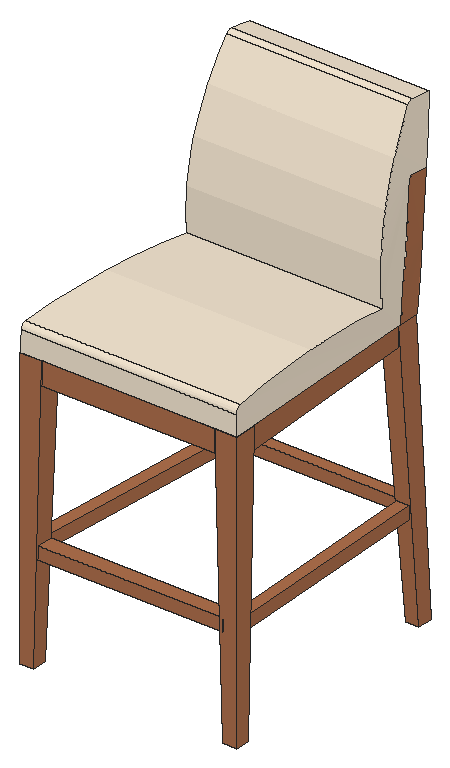
Revit family "Cumberland-Alia_Stools-", category Furniture, Revit 2014
Parameters (values of type "1017 - Counter H")
  Width = 17 7/8"
  URL = "www.cumberlandfurniture.com"
  Type Comments = "Alia Wood"  # constant formula
  Seat = CUM - Linen - Beige
  Salvage or Reuse = yes
  Percentage of Recycled Content = 0
  Model = "1017"
  Manufacturer = "Cumberland"  # constant formula
  Low Emitting Material = yes
  Low Emitting Finish = yes
  Leg = CUM - Wood
  Keynote = "12500"
  Height = 37 7/8"
  Description = "Alia Wood Counter Height"
  Depth = 21"
  Base = CUM - Wood
  Assembly Code = "E2020200"
Types (3): name | Model | Height | Description
  (no name) | "1017" | 37 7/8" | "Alia Wood Counter Height"
  1017 - Counter H | "1017" | 37 7/8" | "Alia Wood Counter Height"
  1018 - BAR H | "1018" | 42 5/16" | "Alia Wood Bar Height"
Reference planes (in)
  plane 1 "Center Front/Back": y = 0
  plane 2: z = 0
  plane 3: z = 37.875
  plane 4: x = 10.17188
  plane 5: x = 19.10938
  plane 6: y = -10.5
  plane 7: y = 10.5
  plane 8: x = 1.23438
  plane 9: z = 22.5
  plane 10: z = 20.75
  plane 11: z = 8.00034
Forms (in)
  Blend 1, solid, material "CUM - Wood" <- "Leg"
    base sketch origin (0, 0, 0) x (1, 0, 0) y (0, 1, 0)
      loop
        line (2.18174, 10.5) -> (2.18174, 9.37587) -> (3.30674, 9.37587) -> (3.30674, 10.5) -> (2.18174, 10.5)
    top sketch origin (0, 0, 0) x (1, 0, 0) y (0, 1, 0)
      loop
        line (2.57448, 9.55801) -> (2.57448, 7.80801) -> (4.14831, 7.80801) -> (4.14831, 9.55801) -> (2.57448, 9.55801)
    from 0 to 22.5
  Blend 2, solid, material "CUM - Wood" <- "Leg"
    base sketch origin (20.34375, 0, 0) x (-1, 0, 0) y (0, -1, 0)
      loop
        line (2.18174, -10.5) -> (3.30674, -10.5) -> (3.30674, -9.37587) -> (2.18174, -9.37587) -> (2.18174, -10.5)
    top sketch origin (20.34375, 0, 0) x (-1, 0, 0) y (0, -1, 0)
      loop
        line (2.57448, -9.55801) -> (4.14831, -9.55801) -> (4.14831, -7.80801) -> (2.57448, -7.80801) -> (2.57448, -9.55801)
    from 0 to 22.5
  Blend 3, solid, material "CUM - Wood" <- "Leg"
    base sketch origin (-0.12552, 0.90785, 0) x (1, 0, 0) y (0, 1, 0)
      loop
        line (1.56086, -10.92009) -> (2.68586, -10.92009) -> (2.68586, -9.79596) -> (1.56086, -9.79596) -> (1.56086, -10.92009)
    top sketch origin (-0.12552, 0.90785, 0) x (1, 0, 0) y (0, 1, 0)
      loop
        line (1.56086, -10.92009) -> (3.31086, -10.92009) -> (3.31086, -9.17009) -> (1.56086, -9.17009) -> (1.56086, -10.92009)
    from 0 to 22.5
  Blend 4, solid, material "CUM - Wood" <- "Leg"
    base sketch origin (20.46927, 0.90785, 0) x (-1, 0, 0) y (0, -1, 0)
      loop
        line (1.56086, 10.92009) -> (1.56086, 9.79596) -> (2.68586, 9.79596) -> (2.68586, 10.92009) -> (1.56086, 10.92009)
    top sketch origin (20.46927, 0.90785, 0) x (-1, 0, 0) y (0, -1, 0)
      loop
        line (1.56086, 10.92009) -> (1.56086, 9.17009) -> (3.31086, 9.17009) -> (3.31086, 10.92009) -> (1.56086, 10.92009)
    from 0 to 22.5
  Extrusion 5, solid, material "CUM - Wood" <- "Base"
    sketch origin (0, 7.76113, 20.75) x (0, 1, 0) y (-1, 0, 0)
      loop
        line (-16.02337, -1.49784) -> (-16.02337, -2.75089) -> (0.04688, -3.87463) -> (0.04688, -2.62158) -> (-16.02337, -1.49784)
      loop
        line (-16.02337, -18.84591) -> (0.04688, -17.72217) -> (0.04688, -16.46912) -> (-16.02337, -17.59286) -> (-16.02337, -18.84591)
      loop
        line (0, -4.14831) -> (0, -16.19544) -> (1.25245, -16.19544) -> (1.25245, -4.14831) -> (0, -4.14831)
      loop
        line (-16.41087, -3.18534) -> (-17.77337, -3.18534) -> (-17.77337, -17.15841) -> (-16.41087, -17.15841) -> (-16.41087, -3.18534)
    from 0 to 1.75
  Extrusion 6, solid, material "CUM - Wood" <- "Base"
    sketch origin (0, 8.91022, 8.00034) x (0, 1, 0) y (-1, 0, 0)
      loop
        line (-0.26541, -3.40945) -> (-0.26541, -2.40945) -> (-17.54858, -1.50368) -> (-17.54858, -2.50368) -> (-0.26541, -3.40945)
      loop
        line (1.11879, -3.72752) -> (0.16401, -3.72752) -> (0.16401, -16.70537) -> (1.11879, -16.70537) -> (1.11879, -3.72752)
      loop
        line (-17.60996, -2.83319) -> (-18.85996, -2.83319) -> (-18.85996, -17.78341) -> (-17.60996, -17.78341) -> (-17.60996, -2.83319)
      loop
        line (-0.26541, -16.9343) -> (-17.54858, -17.84007) -> (-17.54858, -18.84007) -> (-0.26541, -17.9343) -> (-0.26541, -16.9343)
    from 0 to 1.00381
Lines and regions (in)
  symbolic lines, style "FurnitureHiddenLines", detail levels medium+fine
    curve 1: line (2.75089, -8.26224, 8.00034) -> (3.87463, 7.80801, 8.00034)
    curve 2: line (4.14831, 7.76113, 8.00034) -> (16.19544, 7.76113, 8.00034)
    curve 3: line (16.46912, 7.80801, 8.00034) -> (17.59286, -8.26224, 8.00034)
    curve 4: line (17.15841, -8.64974, 8.00034) -> (3.18534, -8.64974, 8.00034)
    curve 5: line (1.43534, -8.88811, 8.00034) -> (2.56034, -8.88811, 8.00034)
    curve 6: line (2.56034, -8.88811, 8.00034) -> (2.56034, -10.01224, 8.00034)
    curve 7: line (3.18534, -8.26224, 8.00034) -> (2.56034, -8.88811, 8.00034)
    curve 8: line (1.43534, -8.26224, 8.00034) -> (3.18534, -8.26224, 8.00034)
    curve 9: line (3.18534, -8.26224, 8.00034) -> (3.18534, -10.01224, 8.00034)
    curve 10: line (1.43534, -8.26224, 8.00034) -> (1.43534, -10.01224, 8.00034)
    curve 11: line (1.43534, -10.01224, 8.00034) -> (3.18534, -10.01224, 8.00034)
    curve 12: line (17.15841, -10.01224, 8.00034) -> (17.15841, -8.26224, 8.00034)
    curve 13: line (17.15841, -8.26224, 8.00034) -> (18.90841, -8.26224, 8.00034)
    curve 14: line (17.78341, -9.94974, 8.00034) -> (17.78341, -8.63836, 8.00034)
    curve 15: line (17.78341, -8.63836, 8.00034) -> (18.90841, -8.63836, 8.00034)
    curve 16: line (18.90841, -10.01224, 8.00034) -> (18.90841, -8.26224, 8.00034)
    curve 17: line (17.15841, -10.01224, 8.00034) -> (18.90841, -10.01224, 8.00034)
    curve 18: line (4.14831, 9.55801, 8.00034) -> (3.30674, 10.5, 8.00034)
    curve 19: line (4.14831, 9.55801, 8.00034) -> (4.14831, 7.76113, 8.00034)
    curve 20: line (4.14831, 9.55801, 8.00034) -> (2.57448, 9.55801, 8.00034)
    curve 21: line (4.14831, 7.80801, 8.00034) -> (2.57448, 7.80801, 8.00034)
    curve 22: line (2.57448, 9.55801, 8.00034) -> (2.57448, 7.80801, 8.00034)
    curve 23: line (2.18174, 9.37587, 8.00034) -> (2.57448, 7.80801, 8.00034)
    curve 24: line (2.18174, 9.37587, 8.00034) -> (2.18174, 10.5, 8.00034)
    curve 25: line (2.18174, 10.5, 8.00034) -> (2.57448, 9.55801, 8.00034)
    curve 26: line (2.18174, 10.5, 8.00034) -> (3.30674, 10.5, 8.00034)
    curve 27: line (16.19544, 9.55801, 8.00034) -> (17.03701, 10.5, 8.00034)
    curve 28: line (16.19544, 9.55801, 8.00034) -> (16.19544, 7.76113, 8.00034)
    curve 29: line (16.19544, 9.55801, 8.00034) -> (17.76927, 9.55801, 8.00034)
    curve 30: line (16.19544, 7.80801, 8.00034) -> (17.76927, 7.80801, 8.00034)
    curve 31: line (17.76927, 9.55801, 8.00034) -> (17.76927, 7.80801, 8.00034)
    curve 32: line (18.16201, 9.37587, 8.00034) -> (17.76927, 7.80801, 8.00034)
    curve 33: line (18.16201, 9.37587, 8.00034) -> (18.16201, 10.5, 8.00034)
    curve 34: line (18.16201, 10.5, 8.00034) -> (17.76927, 9.55801, 8.00034)
    curve 35: line (18.16201, 10.5, 8.00034) -> (17.03701, 10.5, 8.00034)
Dimensions and locks (in)
  equal spacing: plane 7, plane 1 "Center Front/Back", plane 6
  "Depth": plane 7 to plane 6
  equal spacing: plane 8, plane 4, plane 5
  "Width": plane 8 to plane 5
  plane 8 to Blend 1 sketch curve to Blend 1 sketch curve = 0.94737" locked, 1 1/8" locked
  plane 7 to Blend 1 sketch curve to Blend 1 sketch curve = 0.94199" locked, 1 3/4" locked
  plane 8 to Blend 1 sketch curve to Blend 1 sketch curve = 1.3401" locked, 1.57383" locked
  plane 5 to Blend 2 sketch curve to Blend 2 sketch curve = 0.94737" locked, 1 1/8" locked
  plane 7 to Blend 2 sketch curve to Blend 2 sketch curve = 0.94199" locked, 1 3/4" locked
  plane 5 to Blend 2 sketch curve to Blend 2 sketch curve = 1.3401" locked, 1.57383" locked
  locked: plane 7 to Blend 2 sketch curve at 1.12413
  plane 8 to Blend 3 sketch curve to Blend 3 sketch curve = 0.20096" locked, 1 1/8" locked
  plane 6 to Blend 3 sketch curve to Blend 3 sketch curve = 0.48776" locked, 1 3/4" locked
  Blend 3 sketch curve to Blend 3 sketch curve to plane 6 = 1.12413" locked, 0.48776" locked
  plane 8 to Blend 3 sketch curve to Blend 3 sketch curve = 0.20096" locked, 1 3/4" locked
  plane 5 to Blend 4 sketch curve to Blend 4 sketch curve = 0.20096" locked, 1 1/8" locked
  plane 6 to Blend 4 sketch curve to Blend 4 sketch curve = 0.48776" locked, 1 3/4" locked
  Blend 4 sketch curve to Blend 4 sketch curve to plane 6 = 1.12413" locked, 0.48776" locked
  plane 5 to Blend 4 sketch curve to Blend 4 sketch curve = 0.20096" locked, 1 3/4" locked
  locked: plane 1 "Center Front/Back" to nested 1 at 0.25
  plane 3 to plane 9 to plane 10 = 15 3/8" locked, 1 3/4" locked
  "Height": plane 3 to level
  plane 8 to Extrusion 5 sketch curve to Extrusion 5 sketch curve = 0.26346" locked, 1.25305" locked
  Extrusion 5 sketch curve to Extrusion 5 sketch curve to plane 5 = 1.25305" locked, 0.26346" locked
  plane 8 to Extrusion 5 sketch curve to Extrusion 5 sketch curve = 1.38721" locked, 1.25305" locked
  Extrusion 5 sketch curve to Extrusion 5 sketch curve to plane 5 = 1.25305" locked, 1.38721" locked
  Extrusion 5 sketch curve to Extrusion 5 sketch curve to plane 6 = 1.3625" locked, 0.48776" locked
  plane 7 to Extrusion 5 sketch curve to Extrusion 5 sketch curve = 1.48642" locked, 1.25245" locked
  locked: plane 11 to level at 8.00034
  locked: Extrusion 6 to plane 11 at 1.00381
  plane 7 to Extrusion 6 sketch curve to Extrusion 6 sketch curve = 0.471" locked, 0.95477" locked
  Extrusion 6 sketch curve to Extrusion 6 sketch curve to plane 6 = 1 1/4" locked, 0.55026" locked
  locked: plane 8 to Extrusion 6 sketch curve at 1.59882
  locked: Extrusion 6 sketch curve to plane 5 at 1.32596
  locked: Extrusion 6 sketch curve to plane 6 at 1.86164  (x2)
  locked: plane 7 to Extrusion 6 sketch curve at 1.85519  (x2)
  locked: plane 8 to Extrusion 6 sketch curve at 2.49315
  locked: Extrusion 6 sketch curve to plane 5 at 2.404
  aligned and locked: level to plane 2
  aligned and locked: plane 9 to Blend 1
  aligned and locked: Blend 1 to level
  aligned and locked: Blend 1 sketch curve to plane 7
  aligned and locked: plane 7 to Blend 2 sketch curve
  aligned and locked: plane 4 to nested 1
  aligned and locked: plane 9 to nested 1
  aligned and locked: Extrusion 5 sketch curve to Blend 1
  aligned and locked: Blend 2 to Extrusion 5 sketch curve
  aligned and locked: Extrusion 5 sketch curve to Blend 3
  aligned and locked: Blend 4 to Extrusion 5 sketch curve
  aligned and locked: plane 9 to Extrusion 5
  aligned and locked: Extrusion 5 to plane 10
  aligned and locked: plane 9 to Blend 2
  aligned and locked: Blend 4 to Blend 3
  aligned and locked: plane 9 to Blend 3
  aligned and locked: Extrusion 5 to Blend 3
  aligned and locked: Blend 4 to Extrusion 5
  aligned and locked: Extrusion 5 to Blend 2
  aligned and locked: Extrusion 5 to Blend 1
Automatic sketch dimensions
  Blend 1 sketch curve to plane 7 = 1.12413"
  Extrusion 5 sketch curve to Extrusion 5 sketch curve = 0.43445"  (x2)
  Extrusion 5 sketch curve to Extrusion 5 sketch curve = 0.27368"  (x2)
  Extrusion 6 sketch curve to Extrusion 6 sketch curve = 0.05666"
  Extrusion 6 sketch curve to plane 5 = 1.17507"
  Extrusion 6 sketch curve to plane 5 = 0.2693"
  Extrusion 6 sketch curve to Extrusion 6 sketch curve = 0.22893"
  Extrusion 6 sketch curve to Extrusion 6 sketch curve = 0.31808"
  Extrusion 6 sketch curve to Extrusion 6 sketch curve = 0.32952"
  Extrusion 6 sketch curve to Extrusion 6 sketch curve = 1"
  plane 8 to Extrusion 6 sketch curve = 0.2693"
  curve 26 to plane 7 = 0"
  curve 33 to plane 7 = 0"
  curve 34 to plane 7 = 0.94199"
  curve 22 to plane 7 = 0.94199"
  curve 32 to curve 29 = 0.18214"
  curve 24 to curve 20 = 0.18214"
  curve 22 to curve 23 = 1.56786"
  curve 32 to plane 5 = 1.3401"
  curve 32 to curve 32 = 1.56786"
  curve 19 to curve 21 = 3/64"
  plane 8 to curve 8 = 0.20096"
  plane 6 to curve 8 = 2.23776"
  curve 16 to plane 5 = 0.20096"
  plane 6 to curve 16 = 2.23776"
  curve 15 to curve 3 = 0.37612"
  curve 7 to curve 1 = 0.62587"
  plane 6 to curve 12 = 0.48776"
  plane 6 to curve 11 = 0.48776"
  curve 32 to curve 29 = 0.39274"
  curve 15 to curve 14 = 1 1/8"
  curve 14 to curve 17 = 5/8"
  curve 33 to curve 27 = 1 1/8"
  curve 32 to curve 2 = 1.57383"
  plane 8 to curve 18 = 2.91393"
  curve 18 to curve 18 = 0.84157"
  curve 9 to curve 10 = 1 3/4"
  curve 18 to curve 22 = 0.73226"
  curve 4 to curve 5 = 5/8"
  plane 8 to curve 24 = 0.94737"
  curve 4 to curve 12 = 0.3875"
  plane 6 to curve 14 = 0.55026"
  curve 14 to curve 3 = 0.19055"
  curve 3 to curve 2 = 0.27368"
  curve 30 to curve 2 = 0"
  curve 21 to curve 1 = 0.27368"
  curve 7 to curve 1 = 0.43445"
Nested families (in)
  nested 1: "Alia_Stool-Shell" at (0, -0.25, 22.5), Seat <- "Seat", Back <- "Base", type "AL Stool ST"
    with Seat CUM - Linen - Beige, Back CUM - Wood
Definition of nested family "Alia_Stool-Shell"
  Parameters (values of type "AL Stool ST")
    URL = ""
    Type Comments = ""
    Seat [instance] = none
    Model = ""
    Manufacturer = ""
    Keynote = ""
    Description = ""
    Back [instance] = none
    Assembly Code = ""
  Reference planes (in)
    plane 1 "Center Front/Back": y = 0
    plane 2: z = 0
    plane 3: x = 10.17188
    plane 4: x = 20.34375
    plane 5: y = -11.95312
    plane 6: y = 11.95313
    plane 7: x = 0
  Forms (in)
    Extrusion 1, solid, material <- "Seat"
      sketch origin (0, 2.75, -22.26854) x (0, 1, 0) y (0, 0, 1)
        loop
          line (-12.45312, 22.26854) -> (5.20177, 22.26854) -> (6.49403, 32.39103) -> (8.23739, 32.20779) -> (8.79395, 37.50311) -> (7.0749, 37.68379)
          arc (7.0749, 37.68379) -> (6.81276, 37.64035) -> (6.60989, 37.46874) r 0.5
          arc (6.60989, 37.46874) -> (3.76831, 31.2058) -> (3.22987, 24.34948) r 19.88736
          arc (3.22987, 24.34948) -> (-4.39156, 24.86248) -> (-12.01583, 24.39358) r 59.4247
          arc (-12.01583, 24.39358) -> (-12.32819, 24.22817) -> (-12.45312, 23.89752) r 0.5
          line (-12.45312, 23.89752) -> (-12.45312, 22.26854)
      from 0 to 20.34375
    Blend 2, void
      base sketch origin (0, 0, 0) x (1, 0, 0) y (0, 0, 1)
        loop
          line (3.02516, 16.15376) -> (17.31859, 16.15376)
          arc (17.31859, 16.15376) -> (17.64246, 7.7751) -> (17.71441, -0.60951) r 279.01507
          line (17.71441, -0.60951) -> (20.34375, -0.60951) -> (20.34375, 17.40376) -> (0, 17.40376) -> (0, -0.60951) -> (2.62934, -0.60951)
          arc (2.62934, -0.60951) -> (2.70129, 7.7751) -> (3.02516, 16.15376) r 279.01507
      top sketch origin (0, 0, 0) x (1, 0, 0) y (0, 0, 1)
        loop
          line (1.90016, 16.15376) -> (18.44359, 16.15376)
          arc (18.44359, 16.15376) -> (18.81562, 7.77486) -> (19.03192, -0.60951) r 451.44089
          line (19.03192, -0.60951) -> (20.34375, -0.60951) -> (20.34375, 17.40376) -> (0, 17.40376) -> (0, -0.60951) -> (1.31183, -0.60951)
          arc (1.31183, -0.60951) -> (1.52813, 7.77486) -> (1.90016, 16.15376) r 451.44089
      from -11.95312 to 12
    Extrusion 3, solid, material <- "Back"
      sketch origin (0, 0, 0) x (0, 1, 0) y (0, 0, 1)
        loop
          line (8.00115, 0) -> (9.76433, 0) -> (10.98739, 9.93926) -> (9.25148, 10.16087) -> (8.00115, 0)
      from 0 to 20.34375
  Cuts and joins
    Blend 2 cuts Extrusion 1
    Blend 2 cuts Extrusion 3
  Lines and regions (in)
    symbolic lines, style "Chair"
      curve 1: line (2.96021, 11.54395, 0) -> (17.38354, 11.54395, 0)
      curve 2: line (1.56033, -9.70312, 0) -> (2.51853, 9.76767, 0)
      curve 3: line (17.82522, 9.76773, 0) -> (18.78342, -9.70312, 0)
      curve 4: spline (2.71892, 10.98598, 0) -> (2.68973, 10.88449, 0) -> (2.66281, 10.783, 0) -> (2.63816, 10.68149, 0) -> (2.61578, 10.57998, 0) -> (2.59568, 10.47845, 0) -> (2.57784, 10.37693, 0) -> (2.56228, 10.27539, 0) -> (2.54898, 10.17386, 0) -> (2.53796, 10.07231, 0) -> (2.52921, 9.97077, 0) -> (2.52273, 9.86922, 0) -> (2.51853, 9.76767, 0)
      curve 5: spline (2.71892, 10.98598, 0) -> (2.73526, 11.0325, 0) -> (2.75228, 11.07901, 0) -> (2.76999, 11.12552, 0) -> (2.78838, 11.17202, 0) -> (2.80746, 11.21853, 0) -> (2.82722, 11.26503, 0) -> (2.84768, 11.31152, 0) -> (2.86881, 11.35802, 0) -> (2.89063, 11.40451, 0) -> (2.91314, 11.45099, 0) -> (2.93633, 11.49748, 0) -> (2.96021, 11.54395, 0)
      curve 6: spline (17.62483, 10.98598, 0) -> (17.65402, 10.8845, 0) -> (17.68094, 10.783, 0) -> (17.70558, 10.6815, 0) -> (17.72796, 10.57999, 0) -> (17.74807, 10.47848, 0) -> (17.7659, 10.37695, 0) -> (17.78147, 10.27542, 0) -> (17.79476, 10.17389, 0) -> (17.80578, 10.07235, 0) -> (17.81454, 9.97081, 0) -> (17.82101, 9.86927, 0) -> (17.82522, 9.76773, 0)
      curve 7: spline (17.62483, 10.98598, 0) -> (17.60849, 11.0325, 0) -> (17.59147, 11.07901, 0) -> (17.57376, 11.12552, 0) -> (17.55537, 11.17202, 0) -> (17.53629, 11.21853, 0) -> (17.51653, 11.26503, 0) -> (17.49607, 11.31152, 0) -> (17.47494, 11.35802, 0) -> (17.45312, 11.40451, 0) -> (17.43061, 11.45099, 0) -> (17.40742, 11.49748, 0) -> (17.38354, 11.54395, 0)
      curve 8: line (1.56033, -9.70312, 0) -> (18.78342, -9.70312, 0)
  Dimensions and locks (in)
    aligned and locked: level to plane 2
    aligned and locked: Blend 2 sketch curve to plane 7
    aligned and locked: Blend 2 sketch curve to plane 4
    aligned and locked: Extrusion 1 to plane 7
    aligned and locked: plane 4 to Extrusion 1
    aligned and locked: plane 6 to Blend 2
    aligned and locked: Blend 2 to Extrusion 3
